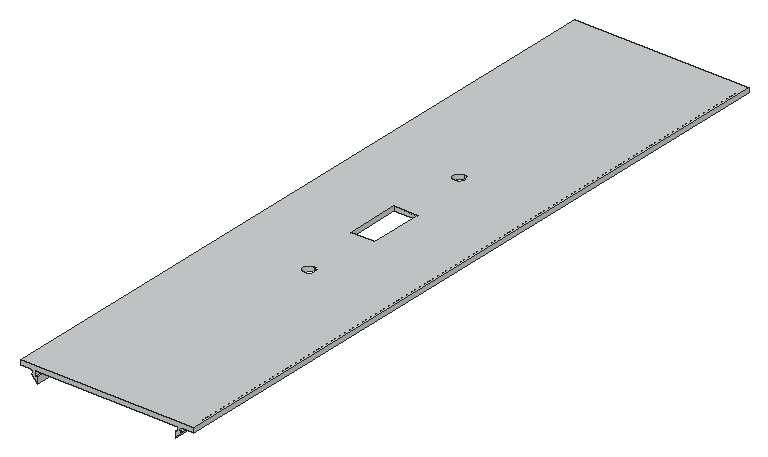
Revit family "Specialty_Equipment-Metal_Raceway-Hubbell_Wiring-Toggle_Switch_Cover-HBLALUN", category Specialty Equipment, host Face, Revit 2015
Parameters (values of type "HBLALUN")
  URL = "http://www.hubbell-wiring.com/"
  Product data url = "https://bimobject.com/hubbellwiring/product/hubbell-metal-raceway-alu3800"
  Product Page URL = "http://ecatalog.hubbell-wiring.com/ProductInformation/ViewCatalog.aspx?Dest=hubbell-wiring.com/press/catalog/r.pdf"
  Product Documentation Link = "http://www.hubbell-wiring.com/press/pdfs/h5233r08.pdf"
  Model = "HBLALUN"  # constant formula
  Manufacturer = "Hubbell Wiring Device Kellems"  # constant formula
  Host Note = "Add in Section View; Host to Wall"  # constant formula
  Description = "Toggle Switch Cover"  # constant formula
  Default Elevation = 48.00"
  Cable Tray Material = Metal-Hubbell-Aluminium
  B = 3.00"
  Assembly Code = "D5090900"
  A = 12.00"
Reference planes (in)
  plane 1 "Center (Front/Back)": y = 0
  plane 2: z = 0
  plane 3 "Center (Left/Right)": x = 0
  plane 4: z = 2.075
  plane 5: y = 6
  plane 6: y = -6
  plane 7: x = -1.49625
  plane 8: x = 1.50375
  plane 9: y = 1.625
  plane 10: y = -1.625
Forms (in)
  Extrusion 1, void
    sketch origin (1.49625, 0, 2.17481) x (0, -1, 0) y (-1, 0, 0)
      loop
        circle (1.625, 1.49625) r 0.1
      loop
        line (0.465, 1.29325) -> (0.465, 1.69925) -> (-0.465, 1.69925) -> (-0.465, 1.29325) -> (0.465, 1.29325)
      loop
        circle (-1.625, 1.49625) r 0.1
    from 0.025 to 0.09981
  Extrusion 2, solid, material "Metal-Hubbell-Aluminium" <- "Cable Tray Material"
    sketch origin (0, 0, 0) x (1, 0, 0) y (0, 0, 1)
      loop
        line (-1.49625, 2.14981) -> (-1.49625, 2.075) -> (-1.30672, 2.075)
        arc (-1.30672, 2.075) -> (-1.27184, 2.04149) -> (-1.30392, 2.00529) r 0.03491
        line (-1.30392, 2.00529) -> (-1.18995, 1.89132) -> (-1.18995, 1.9952) -> (-1.22194, 1.9952) -> (-1.22194, 2.075) -> (1.22194, 2.075) -> (1.22194, 1.9952) -> (1.18995, 1.9952) -> (1.18995, 1.89132) -> (1.30392, 2.00529)
        arc (1.30392, 2.00529) -> (1.27184, 2.04149) -> (1.30673, 2.075) r 0.03491
        line (1.30673, 2.075) -> (1.50375, 2.075) -> (1.50375, 2.14981) -> (-1.49625, 2.14981)
    from -6 to 6
Cuts and joins
  Extrusion 1 cuts Extrusion 2
Lines and regions (in)
  reference lines
    curve 1: line (-0.203, -0.465, 2.075) -> (0.203, -0.465, 2.075)
    curve 2: line (-0.203, 0.465, 2.075) -> (-0.203, -0.465, 2.075)
    curve 3: line (0.203, 0.465, 2.075) -> (-0.203, 0.465, 2.075)
    curve 4: line (0.203, -0.465, 2.075) -> (0.203, 0.465, 2.075)
    curve 5: circle (0, 1.625, 2.075) r 0.1 normal (0, 0, 1)
    curve 6: circle (0, -1.625, 2.075) r 0.1 normal (0, 0, 1)
    curve 7: line (-1.49625, 0, 2.14981) -> (-1.49625, 0, 2.075)
    curve 8: line (1.50375, 0, 2.14981) -> (-1.49625, 0, 2.14981)
    curve 9: line (1.50375, 0, 2.075) -> (1.50375, 0, 2.14981)
    curve 10: line (1.30673, 0, 2.075) -> (1.50375, 0, 2.075)
    curve 11: arc (1.30392, 0, 2.00529) -> (1.27184, 0, 2.04149) -> (1.30673, 0, 2.075) r 0.03491
    curve 12: line (1.18995, 0, 1.89132) -> (1.30392, 0, 2.00529)
    curve 13: line (1.18995, 0, 1.9952) -> (1.18995, 0, 1.89132)
    curve 14: line (1.22194, 0, 1.9952) -> (1.18995, 0, 1.9952)
    curve 15: line (1.22194, 0, 2.075) -> (1.22194, 0, 1.9952)
    curve 16: line (-1.22194, 0, 2.075) -> (1.22194, 0, 2.075)
    curve 17: line (-1.22194, 0, 1.9952) -> (-1.22194, 0, 2.075)
    curve 18: line (-1.18995, 0, 1.9952) -> (-1.22194, 0, 1.9952)
    curve 19: line (-1.18995, 0, 1.89132) -> (-1.18995, 0, 1.9952)
    curve 20: line (-1.30392, 0, 2.00529) -> (-1.18995, 0, 1.89132)
    curve 21: arc (-1.30672, 0, 2.075) -> (-1.27184, 0, 2.04149) -> (-1.30392, 0, 2.00529) r 0.03491
    curve 22: line (-1.49625, 0, 2.075) -> (-1.30672, 0, 2.075)
  symbolic lines
    curve 23: line (0, 6, 2.075) -> (0, -6, 2.075)
    curve 24: line (0, 6, 2.14981) -> (0, 6, 2.075)
    curve 25: line (0, -6, 2.14981) -> (0, 6, 2.14981)
    curve 26: line (0, -6, 2.075) -> (0, -6, 2.14981)
    curve 27: line (-1.49625, 6, 0) -> (-1.49625, -6, 0)
    curve 28: line (-1.49625, -6, 0) -> (1.50375, -6, 0)
    curve 29: line (1.50375, -6, 0) -> (1.50375, 6, 0)
    curve 30: line (1.50375, 6, 0) -> (-1.49625, 6, 0)
    curve 31: line (-0.203, 0.465, 0) -> (0.203, 0.465, 0)
    curve 32: line (0.203, 0.465, 0) -> (0.203, -0.465, 0)
    curve 33: line (0.203, -0.465, 0) -> (-0.203, -0.465, 0)
    curve 34: line (-0.203, -0.465, 0) -> (-0.203, 0.465, 0)
    curve 35: arc (0, 1.725, 0) -> (0.1, 1.625, 0) -> (0, 1.525, 0) r 0.1
    curve 36: arc (0, 1.525, 0) -> (-0.1, 1.625, 0) -> (0, 1.725, 0) r 0.1
    curve 37: arc (0, -1.725, 0) -> (-0.1, -1.625, 0) -> (0, -1.525, 0) r 0.1
    curve 38: arc (0, -1.525, 0) -> (0.1, -1.625, 0) -> (0, -1.725, 0) r 0.1
    curve 39: line (1.50375, 0, 2.075) -> (-1.49625, 0, 2.075)
    curve 40: line (1.50375, 0, 2.14981) -> (1.50375, 0, 2.075)
    curve 41: line (-1.49625, 0, 2.14981) -> (1.50375, 0, 2.14981)
    curve 42: line (-1.49625, 0, 2.075) -> (-1.49625, 0, 2.14981)
Dimensions and locks (in)
  equal spacing: plane 5, plane 1 "Center (Front/Back)", plane 6
  "A": plane 5 to plane 6
  "B": plane 7 to plane 8
  equal spacing: plane 9, plane 1 "Center (Front/Back)", plane 10, locked at 1.625 each
  equal spacing: curve 3, plane 1 "Center (Front/Back)", curve 1, locked at 0.465 each
  equal spacing: curve 2, plane 3 "Center (Left/Right)", curve 4, locked at 0.203 each
  plane 4 to host face = 2.075"
  aligned and locked: plane 2 to host face
  aligned and locked: level to host face
  aligned and locked: Extrusion 1 sketch curve to curve 6
  aligned and locked: Extrusion 1 sketch curve to curve 4
  aligned and locked: Extrusion 1 sketch curve to curve 3
  aligned and locked: Extrusion 1 sketch curve to curve 2
  aligned and locked: Extrusion 1 sketch curve to curve 1
  aligned and locked: Extrusion 1 sketch curve to curve 5
  aligned and locked: Extrusion 2 sketch curve to curve 7
  aligned and locked: Extrusion 2 sketch curve to curve 8
  aligned and locked: Extrusion 2 sketch curve to curve 9
  aligned and locked: Extrusion 2 sketch curve to curve 11
  aligned and locked: Extrusion 2 sketch curve to curve 12
  aligned and locked: Extrusion 2 sketch curve to curve 13
  aligned and locked: Extrusion 2 sketch curve to curve 14
  aligned and locked: Extrusion 2 sketch curve to curve 15
  aligned and locked: Extrusion 2 sketch curve to curve 16
  aligned and locked: Extrusion 2 sketch curve to curve 17
  aligned and locked: Extrusion 2 sketch curve to curve 18
  aligned and locked: Extrusion 2 sketch curve to curve 19
  aligned and locked: Extrusion 2 sketch curve to curve 20
  aligned and locked: Extrusion 2 sketch curve to curve 21
  aligned and locked: Extrusion 2 sketch curve to curve 22
  aligned and locked: plane 5 to Extrusion 2
  aligned and locked: Extrusion 2 to plane 6
  aligned and locked: curve 27 to cut or joined group of Extrusion 1, Extrusion 2
  aligned and locked: curve 28 to cut or joined group of Extrusion 1, Extrusion 2
  aligned and locked: curve 29 to cut or joined group of Extrusion 1, Extrusion 2
  aligned and locked: curve 30 to cut or joined group of Extrusion 1, Extrusion 2
  aligned and locked: curve 31 to cut or joined group of Extrusion 1, Extrusion 2
  aligned and locked: curve 32 to cut or joined group of Extrusion 1, Extrusion 2
  aligned and locked: curve 33 to cut or joined group of Extrusion 1, Extrusion 2
  aligned and locked: curve 34 to cut or joined group of Extrusion 1, Extrusion 2
  aligned and locked: curve 35 to cut or joined group of Extrusion 1, Extrusion 2
  aligned and locked: curve 36 to cut or joined group of Extrusion 1, Extrusion 2
  aligned and locked: curve 37 to cut or joined group of Extrusion 1, Extrusion 2
  aligned and locked: curve 38 to cut or joined group of Extrusion 1, Extrusion 2
  aligned and locked: curve 39 to cut or joined group of Extrusion 1, Extrusion 2
  aligned and locked: curve 40 to cut or joined group of Extrusion 1, Extrusion 2
  aligned and locked: curve 41 to cut or joined group of Extrusion 1, Extrusion 2
  aligned and locked: curve 42 to cut or joined group of Extrusion 1, Extrusion 2
  aligned and locked: curve 25 to cut or joined group of Extrusion 1, Extrusion 2
Automatic sketch dimensions
  host sketch curve to host sketch curve = 96.00"  (x2)
  curve 6 to plane 3 "Center (Left/Right)" = 0.00"
  curve 5 to plane 3 "Center (Left/Right)" = 0.00"
  curve 5 to plane 9 = 0.00"
  curve 6 to plane 10 = 0.00"
  curve 7 to plane 4 = 0.00"
  curve 7 to plane 7 = 0.00"
  plane 8 to curve 8 = 0.00"
  plane 4 to curve 8 = 0.07481"
  curve 9 to plane 4 = 0.00"
  plane 8 to curve 10 = 0.19703"
  curve 11 to curve 11 = 0.00281"
  curve 11 to plane 4 = 0.03491"
  curve 12 to curve 12 = 0.11397"  (x2)
  curve 13 to plane 4 = 0.0798"
  curve 13 to curve 14 = 0.03199"
  curve 15 to plane 4 = 0.00"
  plane 7 to curve 16 = 0.27431"
  curve 17 to plane 4 = 0.0798"
  curve 17 to curve 18 = 0.03199"
  curve 19 to curve 19 = 0.10388"
  curve 20 to plane 4 = 0.06971"
  curve 20 to curve 17 = 0.08198"
  curve 21 to plane 4 = 0.03491"
  plane 3 "Center (Left/Right)" to curve 3 = 0.203"
  curve 4 to plane 1 "Center (Front/Back)" = 0.465"
  curve 23 to plane 4 = 0.00"
  curve 23 to plane 6 = 0.00"
  curve 25 to plane 5 = 0.00"
  radius of curve 5 = 0.10"
  radius of curve 6 = 0.10"
